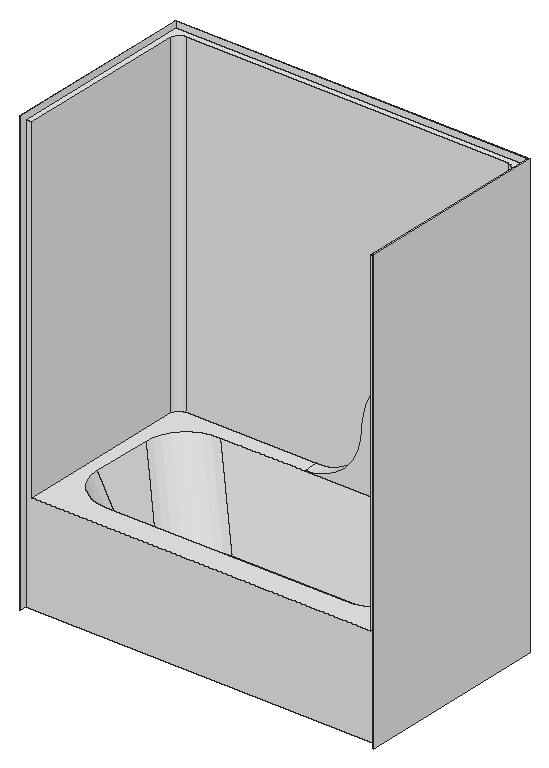
Revit family "LSTS6032CP", category Plumbing Fixtures, Revit 2016
Family settings
  Part Type = Normal
  Round Connector Dimension = Use Diameter
  OmniClass Number = 23.45.05.14.17
  OmniClass Title = Showers
  Work Plane-Based = No
  Always vertical = Yes
  Cut with Voids When Loaded = No
  Shared = No
  Room Calculation Point = No
Parameters (values of type "LSTS6032CP")
  Unit Width = 60"
  Unit Height = 75"
  Unit Depth = 33"
  URL = "http://www.bestbath.com"
  Type Comments = "Independent Living"
  Model = "LSTS6034CP"
  Material [instance] = Best Bath Gelcoat Fiberglass - Smooth
  Manufacturer = "best bath"
  Keynote = "22 40 00.D3"
  Description = "Smooth Wall Finish"
  Assembly Code = "D2010700"
Reference planes (in)
  plane 1 "Back": y = 0
  plane 2: z = 1.5
  plane 3 "Left": x = 0
  plane 4: x = 60
  plane 5: y = -32
  plane 6: z = 75.5
  plane 7: z = 76.5
  plane 8: x = 52
  plane 9: z = 18.5
  plane 10: y = -16
  plane 11: y = -1.25
  plane 12: x = 8.25
  plane 13: x = 57
  plane 14: y = -7.25
  plane 15: y = -25.25
  plane 16: y = -3.75
  plane 17: y = -28
  plane 18: x = 3.5
  plane 19: x = 58
  plane 20: x = 1.25
  plane 21: x = 58.75
  plane 22: z = 38.5
  plane 23: y = -33
  plane 24: x = 34.625
  plane 25: x = 24.625
  plane 26: x = 44.625
  plane 27: y = -3.75
  plane 28: x = 23.5
Forms (in)
  Extrusion 1, solid, material "Best Bath Gelcoat Fiberglass - Smooth"
    sketch origin (0, 0, 1.5) x (1, 0, 0) y (0, 1, 0)
      loop
        line (60, -32) -> (60, 0) -> (0, 0) -> (0, -32) -> (1.25, -32) -> (1.25, -2.75)
        arc (1.25, -2.75) -> (1.68934, -1.68934) -> (2.75, -1.25) r 1.5
        line (2.75, -1.25) -> (57.25, -1.25)
        arc (57.25, -1.25) -> (58.31066, -1.68934) -> (58.75, -2.75) r 1.5
        line (58.75, -2.75) -> (58.75, -32) -> (60, -32)
    from 0 to 74
  Extrusion 2, solid, material "Best Bath Gelcoat Fiberglass - Smooth"
    sketch origin (0, 0, 1.5) x (1, 0, 0) y (0, 1, 0)
      loop
        line (0, -32) -> (60, -32) -> (60, 0) -> (0, 0) -> (0, -32)
      loop
        circle (52, -16) r 1.625
    from 0 to 17
  Blend 3, void
    base sketch origin (0, 0, 1.5) x (1, 0, 0) y (0, 1, 0)
      loop
        arc (15.25, -7.25) -> (10.30025, -9.30025) -> (8.25, -14.25) r 7
        line (8.25, -14.25) -> (8.25, -18.25)
        arc (8.25, -18.25) -> (10.30025, -23.19975) -> (15.25, -25.25) r 7
        line (15.25, -25.25) -> (50, -25.25)
        arc (50, -25.25) -> (54.94975, -23.19975) -> (57, -18.25) r 7
        line (57, -18.25) -> (57, -14.25)
        arc (57, -14.25) -> (54.94975, -9.30025) -> (50, -7.25) r 7
        line (50, -7.25) -> (15.25, -7.25)
    top sketch origin (0, 0, 1.5) x (1, 0, 0) y (0, 1, 0)
      loop
        arc (10.5, -3.75) -> (5.55025, -5.80025) -> (3.5, -10.75) r 7
        line (3.5, -10.75) -> (3.5, -21)
        arc (3.5, -21) -> (5.55025, -25.94975) -> (10.5, -28) r 7
        line (10.5, -28) -> (51, -28)
        arc (51, -28) -> (55.94975, -25.94975) -> (58, -21) r 7
        line (58, -21) -> (58, -10.75)
        arc (58, -10.75) -> (55.94975, -5.80025) -> (51, -3.75) r 7
        line (51, -3.75) -> (10.5, -3.75)
    from 2.23617 to 17
  Extrusion 4, solid, material "Best Bath Gelcoat Fiberglass - Smooth"
    sketch origin (0, 0, 1.5) x (1, 0, 0) y (0, 1, 0)
      loop
        line (23.5, -3.75) -> (51, -3.75)
        arc (51, -3.75) -> (56.48008, -6.01992) -> (58.75, -11.5) r 7.75
        line (58.75, -11.5) -> (60, -11.5) -> (60, -1.25) -> (23.5, -1.25) -> (23.5, -3.75)
    from 17 to 37
  Extrusion 5, solid, material "Best Bath Gelcoat Fiberglass - Smooth"
    sketch origin (0, 0, 1.5) x (1, 0, 0) y (0, 1, 0)
      loop
        line (0, -33) -> (0.125, -33) -> (0.125, -0.125) -> (59.875, -0.125) -> (59.875, -33) -> (60, -33) -> (60, 0) -> (0, 0) -> (0, -33)
    from 0 to 75
  Extrusion 6, void
    sketch origin (1.5, -33, 0) x (1, 0, 0) y (0, 0, 1)
      loop
        line (8.5, 75.5) -> (8.5, 38.5) -> (8.5, 18.5) -> (23.325, 18.5)
        arc (23.325, 18.5) -> (30.25465, 21.37035) -> (33.125, 28.3) r 9.8
        line (33.125, 28.3) -> (33.125, 28.7)
        arc (33.125, 28.7) -> (35.99535, 35.62965) -> (42.925, 38.5) r 9.8
        line (42.925, 38.5) -> (43.125, 38.5) -> (43.125, 75.5) -> (8.5, 75.5)
    from -31.75 to -17
Cuts and joins
  Blend 3 cuts Extrusion 2
  Extrusion 6 cuts Extrusion 4
  joined: Extrusion 1, Extrusion 2, Extrusion 4, Extrusion 5
Dimensions and locks (in)
  "Unit Width": plane 3 "Left" to plane 4
  locked: plane 7 to plane 6 at 1
  "Unit Height": plane 7 to level
  plane 3 "Left" to plane 8 to plane 4 = 52", 8"
  locked: plane 13 to plane 4 at 3
  plane 15 to plane 5 = 6 3/4"
  locked: plane 3 "Left" to plane 12 at 8.25
  locked: Extrusion 1 to plane 14 at 7.25
  locked: plane 16 to plane 1 "Back" at 3.75
  locked: plane 17 to plane 5 at 4
  locked: plane 19 to plane 4 at 2
  plane 3 "Left" to plane 18 = 3 1/2"
  locked: plane 9 to level at 17
  locked: plane 11 to plane 1 "Back" at 1.25
  locked: plane 3 "Left" to plane 20 at 1.25
  locked: plane 21 to plane 4 at 1.25
  locked: plane 5 to plane 23 at 1
  "Unit Depth": plane 23 to plane 1 "Back"
  plane 1 "Back" to plane 10 = 16"
  locked: plane 22 to plane 9 at 20
  plane 25 to plane 24 = 10"
  plane 24 to plane 26 = 10"
  locked: plane 27 to plane 1 "Back" at 3.75
  plane 28 to plane 4 = 36 1/2"
  radius of Blend 3 sketch curve = 7"  (x8)
  aligned and locked: level to plane 2
  aligned and locked: plane 6 to Extrusion 1
  aligned and locked: Extrusion 1 sketch curve to plane 4
  aligned and locked: plane 5 to Extrusion 1 sketch curve
  aligned and locked: Extrusion 1 sketch curve to plane 5
  aligned and locked: Extrusion 2 sketch curve to Extrusion 1  (x3)
  aligned and locked: Extrusion 2 sketch curve to plane 1 "Back"
  aligned and locked: plane 10 to Extrusion 2 sketch curve
  aligned and locked: plane 8 to Extrusion 2 sketch curve
  aligned and locked: plane 15 to Blend 3 sketch curve
  aligned and locked: Blend 3 sketch curve to plane 14
  aligned and locked: Blend 3 sketch curve to plane 13
  aligned and locked: plane 12 to Blend 3 sketch curve
  aligned and locked: plane 18 to Blend 3 sketch curve
  aligned and locked: Blend 3 sketch curve to plane 19
  aligned and locked: plane 17 to Blend 3 sketch curve
  aligned and locked: Blend 3 sketch curve to plane 16
  aligned and locked: Extrusion 1 sketch curve to plane 20
  aligned and locked: plane 22 to Extrusion 4
  aligned and locked: plane 7 to Extrusion 5
  aligned and locked: Extrusion 6 sketch curve to plane 6
  aligned and locked: plane 22 to Extrusion 6 sketch curve
  aligned and locked: Extrusion 4 sketch curve to plane 11
  aligned and locked: Extrusion 4 to plane 9
  aligned and locked: plane 9 to Blend 3
  aligned and locked: Extrusion 4 sketch curve to plane 27
  aligned and locked: plane 28 to Extrusion 4 sketch curve
Automatic sketch dimensions
  plane 1 "Back" to Extrusion 5 sketch curve = 0"
  Extrusion 5 sketch curve to plane 3 "Left" = 0"
  Extrusion 5 sketch curve to plane 23 = 0"  (x2)
  Extrusion 5 sketch curve to plane 4 = 0"
  plane 3 "Left" to Extrusion 5 sketch curve = 1/8"
  Extrusion 5 sketch curve to Extrusion 5 sketch curve = 1/8"
  plane 1 "Back" to Extrusion 5 sketch curve = 1/8"
  plane 1 "Back" to Extrusion 1 sketch curve = 0"
  Extrusion 1 sketch curve to plane 3 "Left" = 0"
  Extrusion 1 sketch curve to plane 11 = 0"
  Extrusion 1 sketch curve to plane 21 = 0"
  plane 20 to Extrusion 1 sketch curve = 1 1/2"
  Extrusion 1 sketch curve to plane 21 = 1 1/2"
  Extrusion 6 sketch curve to plane 9 = 0"
  Extrusion 6 sketch curve to plane 22 = 0"
  plane 24 to Extrusion 6 sketch curve = 0"
  Extrusion 6 sketch curve to plane 26 = 0"
  Extrusion 6 sketch curve to plane 25 = 0.2"
  plane 3 "Left" to Extrusion 6 sketch curve = 10"
  plane 26 to Extrusion 6 sketch curve = 0.2"
  Extrusion 4 sketch curve to plane 4 = 0"
  plane 8 to Extrusion 4 sketch curve = 1"
  plane 10 to Extrusion 4 sketch curve = 4 1/2"
  radius of Extrusion 2 sketch curve = 1 5/8"
